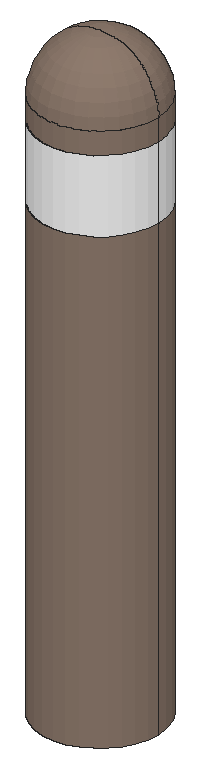
Revit family "BL6011", category Generic Models, Revit 2014
Parameters
  TOP CAP = Bronze, Architectural
  LENS = Acrylic
  BODY = Bronze, Architectural
Reference planes (in)
  plane 1 "Center (Front/Back)": y = 0
  plane 2: z = 0
  plane 3 "Center (Left/Right)": x = 0
Forms (in)
  Revolve 1, solid, material "Bronze, Architectural" <- "TOP CAP"
    sketch origin (0, 0, 0) x (1, 0, 0) y (0, 0, 1)
      loop
        line (0, 36.49922) -> (4, 36.49922) -> (4, 37.99922)
        arc (4, 37.99922) -> (2.82843, 40.82764) -> (0, 41.99922) r 4
        line (0, 41.99922) -> (0, 36.49922)
      axis (0, 41.99922) -> (0, 36.49922)
    angle from 0 to 360
  Revolve 2, solid, material "Acrylic" <- "LENS"
    sketch origin (0, 0, 0) x (1, 0, 0) y (0, 0, 1)
      loop
        line (4, 31.49922) -> (4, 36.49922) -> (0, 36.49922) -> (0, 31.49922) -> (4, 31.49922)
      axis (0, 36.49922) -> (0, 31.49922)
    angle from 0 to 360
  Revolve 3, solid, material "Bronze, Architectural" <- "BODY"
    sketch origin (0, 0, 0) x (1, 0, 0) y (0, 0, 1)
      loop
        line (4, 0) -> (4, 31.49922) -> (0, 31.49922) -> (0, 0) -> (4, 0)
      axis (0, 31.49922) -> (0, 0)
    angle from 0 to 360
Dimensions and locks (in)
  aligned and locked: plane 2 to level
